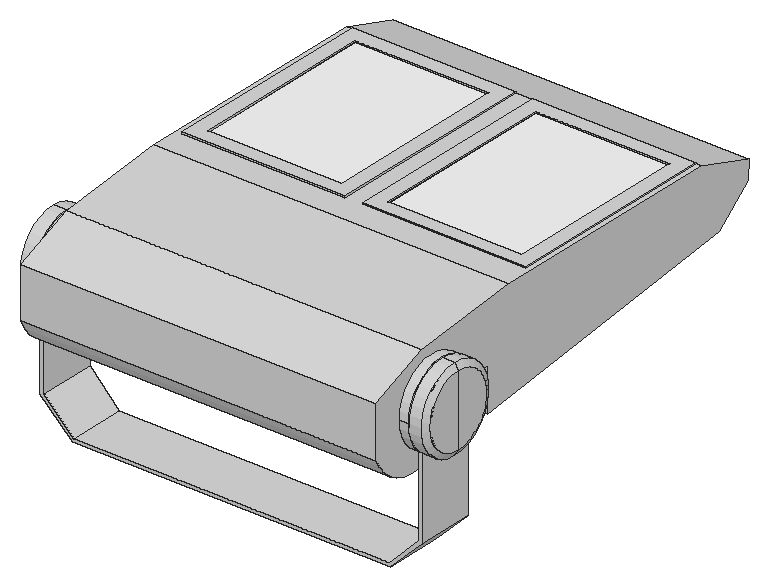
Revit family "0049115 Feilo Sylvania Lighting Fixture SYLVEO LED 12000LM NAR 3K", category Lighting Fixtures, host Face, Revit 2017
Family settings
  Host = Face
  Round Connector Dimension = Use Diameter
  Part Type = Normal
  Cut with Voids When Loaded = No
  Light Source = No
  Shared = No
  Room Calculation Point = No
Parameters (values of type "0049115 SYLVEO LED 12000LM NAR 3K")
  Weight = "8.464 kg"
  Wattage Comments = "n/a"
  WarrantyStartDate [instance] = "n/a"
  WarrantyGuarantorParts = "n/a"
  WarrantyDurationUnit = "n/a"
  WarrantyDurationParts = "n/a"
  WarrantyDescription = "n/a"
  Voltage = 230 V
  URL = "http://www.sylvania-lighting.com"
  TypeName = "SYLVEO LED 12000LM NAR 3K"
  TypeBody_FEILO = Sylveo Large Body : 0049115 SYLVEO LED 12000LM NAR 3K
  Type Image = <None>
  Type Comments = "n/a"
  TotalWidth = 344 mm
  TiltAngle [instance] = 0.00°
  StartAngle [instance] = -TiltAngle  # 0.00°
  SerialNumber [instance] = "n/a"
  PowerFactor = 0
  PowerConsumption = "121.3 W"
  NominalWidth = 0 mm
  NominalLength = 344 mm
  NominalHeight = 392 mm
  Name = "SYLVEO LED 12000LM NAR 3K"
  ModelReference = "SYLVEO LED 12000LM NAR 3K"
  ModelNumber = "0049115"
  Model = "SYLVEO LED 12000LM NAR 3K"
  Material_4_FEILO = none
  Material_3_FEILO = none
  Material_2_FEILO = none
  Material_1_FEILO = Body-Sylvania-Sylveo-Aluminium
  Material = "aluminium housing, glass diffuser"
  ManufacturerName = "Feilo Sylvania"
  Manufacturer = "Feilo Sylvania"
  LuminousEfficacy = "100.2 lm/W"
  LuminaireType = ""
  LightOutputRatio = "100"
  LampsType = Lamp  # "LED"
  LampNominalLuminous = "12149 lm"
  LampMacAdamStep = "6"
  LampColourTemperature = "3000 K"
  LampColourRenderingIndex = "70"
  Lamp = "LED"
  Keynote = "16500"
  InstallationDate [instance] = "n/a"
  InputVoltage = "100-240V~"
  InputNominalFrequency = "50 Hz"
  IngressProtection = "IP66"
  ImpactProtectionIndex = "IK08"
  IfcExportType = "IfcLightFixtureType"
  IfcExportAs = "IfcLightFixtureType"
  HingeHeight = 121 mm
  ExpectedLife = 50000
  EndAngle [instance] = StartAngle + 180.00°  # 180.00°
  ElectricShockClassification = "Class I"
  DurationUnit = "hours"
  DocumentationLiterature = "http://www.sylvania-lighting.com/product/en-int/products/0049115"
  DimmingControlOptions = "Non dimmable"
  Description = "Exterior LED Floodlight, comes complete with a 1000mm cable and adjustable bracket, aluminium housing, clear glass diffuser, IP66, IK08, Class I, 3000K, Non-dimming, 12149lm, 121W, 100lm/W, 3600mA, CRI70, 30° beam angle, 50000hrs, (LxWxD) 98x344x392mm"
  Default Elevation = 1219.2 mm
  CreatedOn = "12/18/2017"
  CreatedBy = ""
  Cost = 0
  built-in parameter 1114216 [instance] = (empty or 0)
  ClassificationValue = "EF_70_80"
  ClassificationName = "Uniclass2015"
  Calculate Coefficient of Utilization = no
  BracketWidth = 48 mm
  BracketThickness = 3 mm
  BracketOuterWidth = BracketInnerWidth + 2 * BracketThickness  # 322 mm
  BracketInnerWidth = 316 mm
  BracketFold = 25 mm
  BracketExtrusionStart = -BracketWidth / 2  # -24 mm
  BracketExtrusionEnd = BracketWidth / 2  # 24 mm
  BarCode [instance] = "n/a"
  AssetType = "Fixed"
  AssetIdentifier [instance] = "n/a"
  Assembly Code = "D5020200"
  Apparent Load = 121.3 VA
Reference planes
  plane 1 "Center (Front/Back)": y = 0
  plane 2: z = 0
  plane 3 "Center (Left/Right)": x = 0
  plane 4: x = 158
  plane 5: x = -158
  plane 6: z = 121
  plane 7: x = 172
  plane 8: x = -172
  plane 9: z = 156
  plane 10: z = 86
  plane 11: x = 169
  plane 12: x = -169
  plane 13: x = 161
  plane 14: x = -161
  plane 15: z = 3
  plane 16: z = 28
  plane 17: x = 133
  plane 18: x = -133
  plane 19: z = 91
Forms (mm)
  Extrusion 1, solid, material "Body-Sylvania-Sylveo-Aluminium" <- "Material_1_FEILO"
    sketch origin (0, 0, 0) x (1, 0, 0) y (0, 0, 1)
      loop
        line (0, 3) -> (0, 0) -> (133.828, 0) -> (161, 27.172) -> (161, 121) -> (158, 121) -> (158, 28) -> (133, 3) -> (0, 3)
    from -24 <- "BracketExtrusionStart" to 24 <- "BracketExtrusionEnd"
  Extrusion 2, solid, material "Body-Sylvania-Sylveo-Aluminium" <- "Material_1_FEILO"
    sketch origin (0, 0, 0) x (-1, 0, 0) y (0, 0, -1)
      loop
        line (0, -3) -> (133, -3) -> (158, -28) -> (158, -121) -> (161, -121) -> (161, -27.172) -> (133.828, 0) -> (0, 0) -> (0, -3)
    from -24 <- "BracketExtrusionStart" to 24 <- "BracketExtrusionEnd"
  Revolve 3, solid, material "Body-Sylvania-Sylveo-Aluminium" <- "Material_1_FEILO"
    sketch origin (0, 0, 0) x (1, 0, 0) y (0, 0, 1)
      loop
        line (-158, 121) -> (-172, 121) -> (-172, 91) -> (-169, 86) -> (-158, 86) -> (-158, 121)
      axis (-158, 121) -> (-172, 121)
    angle from 0 to 360
  Revolve 4, solid, material "Body-Sylvania-Sylveo-Aluminium" <- "Material_1_FEILO"
    sketch origin (0, 0, 0) x (-1, 0, 0) y (0, 0, 1)
      loop
        line (-158, 121) -> (-172, 121) -> (-172, 91) -> (-169, 86) -> (-158, 86) -> (-158, 121)
      axis (-158, 121) -> (-172, 121)
    angle from 0 to 360
  Revolve 5, solid, not visible
    sketch origin (181.107, 0, 121) x (1, 0, 0) y (0, 1, 0)
      loop
        line (-191.101, 0) -> (-171.112, 0) -> (-171.112, 10) -> (-191.101, 10) -> (-191.101, 0)
      axis (-171.112, 0) -> (-191.101, 0)
    angle from 0 <- "StartAngle" to 180 <- "EndAngle"
Cuts and joins
  joined: Extrusion 1, Extrusion 2, Revolve 3, Revolve 4
Dimensions and locks
  equal spacing: plane 5, plane 3 "Center (Left/Right)", plane 4
  equal spacing: plane 7, plane 3 "Center (Left/Right)", plane 8
  "TotalWidth": plane 7 to plane 8
  "HingeHeight": plane 2 to plane 6
  equal spacing: plane 10, plane 6, plane 9
  locked: plane 10 to plane 9 at 70
  equal spacing: plane 11, plane 3 "Center (Left/Right)", plane 12
  locked: plane 11 to plane 12 at 338
  equal spacing: plane 13, plane 3 "Center (Left/Right)", plane 14
  "BracketThickness": plane 2 to plane 15
  equal spacing: plane 17, plane 3 "Center (Left/Right)", plane 18
  locked: plane 19 to plane 10 at 5
  locked: Revolve 5 sketch curve to Revolve 5 sketch curve at 10
  equal spacing: Revolve 5 sketch curve, plane 3 "Center (Left/Right)", Revolve 5 sketch curve
  locked: Revolve 5 sketch curve to Revolve 5 sketch curve at 19.988
  "BracketInnerWidth": plane 5 to plane 4
  "BracketOuterWidth": plane 13 to plane 14
  "BracketFold": plane 4 to plane 17
  "BracketFold": plane 15 to plane 16
  aligned and locked: plane 2 to host face
  aligned and locked: level to host face
  aligned and locked: Revolve 3 sketch curve to plane 10
  aligned and locked: Revolve 3 sketch curve to plane 8
  aligned and locked: plane 5 to Revolve 3 sketch curve
  aligned and locked: Revolve 3 sketch curve to plane 6  (x2)
  aligned and locked: Revolve 5 sketch curve to plane 1 "Center (Front/Back)"
  aligned and locked: plane 3 "Center (Left/Right)" to nested 1
Automatic sketch dimensions
  host sketch curve to host sketch curve = 2438.4 mm  (x2)
  Extrusion 1 sketch curve to plane 3 "Center (Left/Right)" = 0 mm  (x2)
  Extrusion 1 sketch curve to level = 0 mm  (x2)
  Extrusion 1 sketch curve to plane 15 = 0 mm
  Extrusion 1 sketch curve to plane 17 = 0 mm
  plane 4 to Extrusion 1 sketch curve = 0 mm
  Extrusion 1 sketch curve to plane 13 = 0 mm  (x2)
  Extrusion 1 sketch curve to plane 6 = 0 mm  (x2)
  Extrusion 1 sketch curve to plane 16 = 0 mm
  plane 17 to Extrusion 1 sketch curve = 0.828 mm
  Extrusion 1 sketch curve to plane 16 = 0.828 mm
  Extrusion 2 sketch curve to plane 3 "Center (Left/Right)" = 0 mm  (x2)
  Extrusion 2 sketch curve to level = 0 mm  (x2)
  Extrusion 2 sketch curve to plane 15 = 0 mm
  plane 18 to Extrusion 2 sketch curve = 0 mm
  plane 5 to Extrusion 2 sketch curve = 0 mm
  plane 14 to Extrusion 2 sketch curve = 0 mm  (x2)
  Extrusion 2 sketch curve to plane 6 = 0 mm  (x2)
  Extrusion 2 sketch curve to plane 16 = 0 mm
  Extrusion 2 sketch curve to plane 18 = 0.828 mm
  plane 16 to Extrusion 2 sketch curve = 0.828 mm
  plane 12 to Revolve 3 sketch curve = 0 mm
  Revolve 3 sketch curve to plane 19 = 0 mm
  plane 8 to Revolve 3 sketch curve = 77.715 mm
  plane 7 to Revolve 3 sketch curve = 78.607 mm
  Revolve 4 sketch curve to plane 6 = 0 mm  (x2)
  Revolve 4 sketch curve to plane 7 = 0 mm
  Revolve 4 sketch curve to plane 10 = 0 mm
  Revolve 4 sketch curve to plane 11 = 0 mm
  plane 4 to Revolve 4 sketch curve = 0 mm
  Revolve 4 sketch curve to plane 19 = 0 mm
  Revolve 4 sketch curve to Revolve 4 sketch curve = 77.715 mm
  Revolve 4 sketch curve to plane 8 = 78.607 mm
  plane 1 "Center (Front/Back)" to Revolve 5 sketch curve = 0 mm
  plane 8 to Revolve 5 sketch curve = 1421.5 mm
  plane 7 to Revolve 5 sketch curve = 1421.5 mm
Nested families
  nested 1: "Sylveo Large Body" at (0, 0, 121), type <- "TypeBody_FEILO", type "0049115 SYLVEO LED 12000LM NAR 3K"
Definition of nested family "Sylveo Large Body"
  Parameters (values of type "0049144 SYLVEO LED 12000LM RASYM 4K DALI ")
    Wattage = 120 W
    built-in parameter 1150110 = 1 (stored number, unit not read)
    VoidExtrusionStart = -BodyWidth / 2  # -158 mm
    URL = "http://www.feilosylvania.com"
    Type Comments = "n/a"
    built-in parameter 1114217 = 1 (stored number, unit not read)
    TiltAngle = 0.00°
    Tilt Angle = -90.00°
    built-in parameter 1150109 = 1 (stored number, unit not read)
    built-in parameter 1150134 = 12
    built-in parameter 1150113 = 1 (stored number, unit not read)
    Photometric Web File = "0049144.ies"
    Material_3_FEILO = none
    Model = "SYLVEO LED 12000LM RASYM 4K DALI"
    Manufacturer = "Feilo Sylvania"
    built-in parameter 1150105 = 6486.1 (stored number, unit not read)
    Lumens = 12552 lm
    built-in parameter 1150115 = 1 (stored number, unit not read)
    built-in parameter 1150137 = (empty or 0)
    built-in parameter 1150139 = (empty or 0)
    built-in parameter 1150112 = 1 (stored number, unit not read)
    built-in parameter 1150114 = 1 (stored number, unit not read)
    Lamp = "LED"
    Keynote = "16500"
    built-in parameter 1150132 = (empty or 0)
    built-in parameter 1150102 = (empty or 0)
    built-in parameter 1150107 = 4000 (stored number, unit not read)
    built-in parameter 1150138 = (empty or 0)
    built-in parameter 1150106 = 64.861 (stored number, unit not read)
    HingeRadius = 35 mm
    HingeFromTop = 51.5 mm
    Material_2_FEILO = none
    Emit from Rectangle Width = 155.3 mm
    Emit from Rectangle Length = 265 mm
    Emit Shape Visible in Rendering = no
    built-in parameter 1150104 = 9.7177 (stored number, unit not read)
    Dimming Lamp Color Temperature Shift = (empty or 0)
    Description = "Exterior LED floodlight, comes complete with a 1000mm cable and adjustable bracket, aluminium housing, clear glass diffuser, 12547lm, 120W, 104lm/W, 4000K, 3570mA, CRI70, 52°x117° beam angle, DALI dimmable, IP66, IK08, Class I, 50000hrs, (LxWxD) 98x344x392mm"
    Default Elevation = 1219.2 mm
    Cost = 0
    Color Filter = 16777215
    BodyWidthTop = 299 mm
    Material_1_FEILO = none
    BodyWidth = 316 mm
    BodyHeight = 392 mm
    BodyExtrusionStart = -(BodyDepth - HingeFromTop)  # -46.5 mm
    BodyExtrusionEnd = HingeFromTop  # 51.5 mm
    BodyDepth = 98 mm
    built-in parameter 1114218 = 1 (stored number, unit not read)
    built-in parameter 1150133 = 10 (stored number, unit not read)
    Assembly Code = "D5020200"
    Material_4_FEILO = none
    Apparent Load = 120 VA
  Types (9, lengths in mm): name | Wattage | built-in parameter 1150134 | Photometric Web File | Model | built-in parameter 1150105 | Lumens | built-in parameter 1150107 | built-in parameter 1150106 | built-in parameter 1150104 | Description | Apparent Load
    0049144 SYLVEO LED 12000LM RASYM 4K DALI | 120 W | 12 | "0049144.ies" | "SYLVEO LED 12000LM RASYM 4K DALI" | 6486.1 (stored number, unit not read) | 12552 lm | 4000 (stored number, unit not read) | 64.861 (stored number, unit not read) | 9.7177 (stored number, unit not read) | "Exterior LED floodlight, comes complete with a 1000mm cable and adjustable bracket, aluminium housing, clear glass diffuser, 12547lm, 120W, 104lm/W, 4000K, 3570mA, CRI70, 52°x117° beam angle, DALI dimmable, IP66, IK08, Class I, 50000hrs, (LxWxD) 98x344x392mm" | 120 VA
    0049143 SYLVEO LED 12000LM WIDE 4K DALI | 121 W | 12 | "0049143.ies" | "SYLVEO LED 12000LM WIDE 4K DALI" | 16096.1 (stored number, unit not read) | 13225.3 lm | 4000 (stored number, unit not read) | 160.96 (stored number, unit not read) | 10.154 (stored number, unit not read) | "Exterior LED floodlight, comes complete with a 1000mm cable and adjustable bracket, aluminium housing, clear glass diffuser, 13222lm, 120W, 109lm/W, 4000K, 3570mA, CRI70, 52° beam angle, DALI dimmable, IP66, IK08, Class I, 50000hrs, (LxWxD) 98x344x392mm" | 121 VA
    0049142 SYLVEO LED 12000LM NAR 4K DALI | 121 W | 12 | "0049142.ies" | "SYLVEO LED 12000LM NAR 4K DALI" | 29878.8 (stored number, unit not read) | 12838.1 lm | 4000 (stored number, unit not read) | 298.79 (stored number, unit not read) | 9.857 (stored number, unit not read) | "Exterior LED floodlight, comes complete with a 1000mm cable and adjustable bracket, aluminium housing, clear glass diffuser, 12833lm, 121W, 106lm/W, 4000K, 3570mA, 30° beam angle, CRI70, DALI dimmable, IP66, IK08, Class I, 50000hrs, (LxWxD) 98x344x392mm" | 121 VA
    0049117 SYLVEO LED 12000LM RASYM 3K | 120.6 W | (empty or 0) | "0049117.ies" | "SYLVEO LED 12000LM RASYM 3K" | 6411.7 (stored number, unit not read) | 12409.7 lm | 3000 (stored number, unit not read) | 64.117 (stored number, unit not read) | 9.5597 (stored number, unit not read) | "Exterior LED Floodlight, comes complete with a 1000mm cable and adjustable bracket, aluminium housing, clear glass diffuser, IP66, IK08, Class I, 3000K, Non-dimming, 12412lm, 121W, 103lm/W, 3600mA, CRI70, 52°x117° beam angle, 50000hrs, (LxWxD) 98x344x392mm" | 120.6 VA
    0049116 SYLVEO LED 12000LM WIDE 3K | 120.2 W | (empty or 0) | "0049116.ies" | "SYLVEO LED 12000LM WIDE 3K" | 15595 (stored number, unit not read) | 12392.6 lm | 3000 (stored number, unit not read) | 155.95 (stored number, unit not read) | 9.5783 (stored number, unit not read) | "Exterior LED Floodlight, comes complete with a 1000mm cable and adjustable bracket, aluminium housing, clear glass diffuser, IP66, IK08, Class I, 3000K, Non-dimming, 12393lm, 120W, 103lm/W, 3600mA, CRI70, 52° beam angle, 50000hrs, (LxWxD) 98x344x392mm" | 120.2 VA
    0049115 SYLVEO LED 12000LM NAR 3K | 121.3 W | (empty or 0) | "0049115.ies" | "SYLVEO LED 12000LM NAR 3K" | 29900.5 (stored number, unit not read) | 12154.3 lm | 3000 (stored number, unit not read) | 299 (stored number, unit not read) | 9.3089 (stored number, unit not read) | "Exterior LED Floodlight, comes complete with a 1000mm cable and adjustable bracket, aluminium housing, clear glass diffuser, IP66, IK08, Class I, 3000K, Non-dimming, 12149lm, 121W, 100lm/W, 3600mA, CRI70, 30° beam angle, 50000hrs, (LxWxD) 98x344x392mm" | 121.3 VA
    0049114 SYLVEO LED 12000LM RASYM 4K | 121.5 W | 12 | "0049114.ies" | "SYLVEO LED 12000LM RASYM 4K" | 6754.6 (stored number, unit not read) | 13073.4 lm | 4000 (stored number, unit not read) | 67.546 (stored number, unit not read) | 9.9964 (stored number, unit not read) | "Exterior LED Floodlight, comes complete with a 1000mm cable and adjustable bracket, aluminium housing, clear glass diffuser, IP66, IK08, Class I, 4000K, Non-dimming, 13073lm, 122W, 108lm/W, 3600mA, CRI70, 52°x117° beam angle, 50000hrs, (LxWxD) 98x344x392mm" | 121.5 VA
    0049113 SYLVEO LED 12000LM WIDE 4K | 121.5 W | 12 | "0049113.ies" | "SYLVEO LED 12000LM WIDE 4K" | 15077 (stored number, unit not read) | 13158.5 lm | 4000 (stored number, unit not read) | 150.77 (stored number, unit not read) | 10.061 (stored number, unit not read) | "Exterior LED Floodlight, comes complete with a 1000mm cable and adjustable bracket, aluminium housing, clear glass diffuser, IP66, IK08, Class I, 4000K, Non-dimming, 13159lm, 122W, 108lm/W, 3600mA, CRI70, 52° beam angle, 50000hrs, (LxWxD) 98x344x392mm" | 121.5 VA
    0049112 SYLVEO LED 12000LM NAR 4K | 120.7 W | 12 | "0049112.ies" | "SYLVEO LED 12000LM NAR 4K" | 28932.3 (stored number, unit not read) | 12637.3 lm | 4000 (stored number, unit not read) | 289.32 (stored number, unit not read) | 9.7269 (stored number, unit not read) | "Exterior LED Floodlight, comes complete with a 1000mm cable and adjustable bracket, aluminium housing, clear glass diffuser, IP66, IK08, Class I, 4000K, Non-dimming, 12637lm, 121W, 105lm/W, 4000K, 3600mA, CRI70, 30° beam angle, 50000hrs, (LxWxD) 98x344x392mm" | 120.7 VA
  Reference planes
    plane 1 "Center (Front/Back)": y = 0
    plane 2: z = 0
    plane 3 "Center (Left/Right)": x = 0
    plane 4: y = 333.243
    plane 5: y = 313.009
    plane 6: y = 284.289
    plane 7: y = 271.887
    plane 8: y = 116.539
    plane 9: y = 104.79
    plane 10: y = 81.292
    plane 11: y = 43.434
    plane 12: y = 35
    plane 13: y = -35
    plane 14: y = -58.757
    plane 15: x = -132.503
    plane 16: x = -19.582
    plane 17: x = 19.582
    plane 18: x = 132.503
    plane 19: x = -3.59
    plane 20: x = 3.59
    plane 21: x = -149.5
    plane 22: x = 149.5
    plane 23: x = -158
    plane 24: x = 158
    plane 25: y = -10.721
    plane 26: z = 22.496
    plane 27: z = -20
    plane 28: y = -20.127
    plane 29: y = 49.579
    plane 30: y = 58.954
    plane 31: z = -40.407
    plane 32: z = -36.657
    plane 33: y = 302.105
    plane 34: z = -6.225
    plane 35: z = 35.293
    plane 36: z = 19.043
    plane 37: z = 42.496
    plane 38: x = -144.5
    plane 39: x = 144.5
    plane 40: x = -7.34
    plane 41: x = 7.34
    plane 42: y = 194.213
  Forms (mm)
    Extrusion 1, solid
      sketch origin (-0.8, 0, 0) x (1, 0, 0) y (0, 1, 0)
        loop
          line (-1219.2, 1219.2) -> (-1219.2, -1219.2) -> (1219.2, -1219.2) -> (1219.2, 1219.2) -> (-1219.2, 1219.2)
      from 0 to -304.8
    Revolve 2, solid, material <- "Material_1_FEILO"
      sketch origin (0, 0, 0) x (1, 0, 0) y (0, 1, 0)
        loop
          line (-158, 35) -> (-158, 0) -> (-149.5, 0) -> (-149.5, 35) -> (-158, 35)
        loop
          line (158, 0) -> (158, 35) -> (149.5, 35) -> (149.5, 0) -> (158, 0)
        axis (158, 0) -> (-158, 0)
      angle from 0 to 360
    Extrusion 3, solid, material <- "Material_1_FEILO"
      sketch origin (0, 0, 0) x (1, 0, 0) y (0, 1, 0)
        loop
          line (-149.5, 333.243) -> (-149.5, -58.757) -> (149.5, -58.757) -> (149.5, 333.243) -> (-149.5, 333.243)
      from -46.5 <- "BodyExtrusionStart" to 51.5 <- "BodyExtrusionEnd"
    Extrusion 4, void
      sketch origin (0, 0, 0) x (0, 1, 0) y (0, 0, 1)
        loop
          line (81.292, 51.5) -> (-58.757, 51.5) -> (-58.757, 22.496) -> (-10.721, 42.496) -> (81.292, 51.5)
        loop
          line (-58.757, -20) -> (-58.757, -46.5) -> (-20.127, -46.5)
          arc (-20.127, -46.5) -> (-43.549, -39.238) -> (-58.757, -20) r 41.406
      from -158 <- "VoidExtrusionStart" to 316 <- "BodyWidth"
    Extrusion 5, void, detail levels medium+fine
      sketch origin (0, 0, 0) x (0, 1, 0) y (0, 0, 1)
        loop
          line (-20.127, -46.5) -> (333.243, -46.5) -> (333.243, 19.043) -> (302.105, -6.225) -> (58.954, -36.657) -> (58.954, 0) -> (49.579, 0) -> (49.579, -40.407) -> (-20.127, -46.5)
        loop
          line (333.243, 51.5) -> (284.289, 51.5)
          arc (284.289, 51.5) -> (309.162, 44.591) -> (333.243, 35.293) r 264.729
          line (333.243, 35.293) -> (333.243, 51.5)
      from -158 <- "VoidExtrusionStart" to 316 <- "BodyWidth"
    Extrusion 6, solid, material <- "Material_1_FEILO", detail levels medium+fine
      sketch origin (0, 0, 51.5) x (1, 0, 0) y (0, 1, 0)
        loop
          line (-144.5, 284.289) -> (-144.5, 104.79) -> (-7.34, 104.79) -> (-7.34, 284.289) -> (-144.5, 284.289)
        loop
          line (7.34, 284.289) -> (7.34, 104.79) -> (144.5, 104.79) -> (144.5, 284.289) -> (7.34, 284.289)
        loop
          line (19.582, 271.887) -> (19.582, 116.539) -> (132.503, 116.539) -> (132.503, 271.887) -> (19.582, 271.887)
        loop
          line (-19.582, 116.539) -> (-19.582, 271.887) -> (-132.503, 271.887) -> (-132.503, 116.539) -> (-19.582, 116.539)
      from 0 to 1
    Extrusion 7, void
      sketch origin (0, 0, 51.5) x (0, 1, 0) y (1, 0, 0)
        loop
          line (271.887, -132.503) -> (271.887, -19.582) -> (116.539, -19.582) -> (116.539, -132.503) -> (271.887, -132.503)
        loop
          line (116.539, 19.582) -> (271.887, 19.582) -> (271.887, 132.503) -> (116.539, 132.503) -> (116.539, 19.582)
      from 0 to 10
    Extrusion 8, solid, material <- "Material_2_FEILO"
      sketch origin (0, 0, 51.5) x (1, 0, 0) y (0, 1, 0)
        loop
          line (-132.503, 271.887) -> (-132.503, 116.539) -> (-19.582, 116.539) -> (-19.582, 271.887) -> (-132.503, 271.887)
        loop
          line (19.582, 116.539) -> (132.503, 116.539) -> (132.503, 271.887) -> (19.582, 271.887) -> (19.582, 116.539)
      from 0 to -1
  Cuts and joins
    Extrusion 4, Extrusion 5, Extrusion 7 cuts Revolve 2
    Extrusion 4, Extrusion 5, Extrusion 7 cuts Extrusion 3
    joined: Revolve 2, Extrusion 3
  Dimensions and locks
    equal spacing: plane 19, plane 3 "Center (Left/Right)", plane 20
    equal spacing: plane 16, plane 3 "Center (Left/Right)", plane 17
    equal spacing: plane 15, plane 3 "Center (Left/Right)", plane 18
    locked: plane 16 to plane 17 at 39.163
    locked: plane 19 to plane 20 at 7.18
    locked: plane 15 to plane 18 at 265.006
    locked: plane 7 to plane 8 at 155.348
    locked: plane 6 to plane 9 at 179.499
    locked: plane 5 to plane 10 at 231.717
    "BodyHeight": plane 4 to plane 14
    equal spacing: plane 12, plane 1 "Center (Front/Back)", plane 13
    "HingeRadius": plane 12 to plane 1 "Center (Front/Back)"
    equal spacing: plane 21, plane 3 "Center (Left/Right)", plane 22  (x2)
    equal spacing: plane 23, plane 3 "Center (Left/Right)", plane 24
    "BodyWidth": plane 23 to plane 24
    "BodyWidthTop": plane 21 to plane 22
    locked: plane 1 "Center (Front/Back)" to plane 14 at 58.757
    locked: plane 1 "Center (Front/Back)" to plane 11 at 43.434
    locked: plane 1 "Center (Front/Back)" to plane 10 at 81.292
    locked: plane 9 to plane 1 "Center (Front/Back)" at 104.79
    locked: plane 8 to plane 1 "Center (Front/Back)" at 116.539
    equal spacing: plane 38, plane 3 "Center (Left/Right)", plane 39
    equal spacing: plane 40, plane 3 "Center (Left/Right)", plane 41
    equal spacing: plane 7, plane 42, plane 8, locked at 77.674 each
    aligned and locked: plane 2 to Extrusion 1
    aligned and locked: level to Extrusion 1
    aligned and locked: Revolve 2 sketch curve to plane 1 "Center (Front/Back)"  (x3)
    aligned and locked: Revolve 2 sketch curve to plane 12  (x2)
    aligned and locked: Revolve 2 sketch curve to plane 23
    aligned and locked: Revolve 2 sketch curve to plane 21
    aligned and locked: plane 24 to Revolve 2 sketch curve
    aligned and locked: plane 22 to Revolve 2 sketch curve
    aligned and locked: Extrusion 3 sketch curve to plane 4
    aligned and locked: plane 21 to Extrusion 3 sketch curve
    aligned and locked: plane 14 to Extrusion 3 sketch curve
    aligned and locked: Extrusion 3 sketch curve to plane 22
    aligned and locked: plane 10 to Extrusion 4 sketch curve
    aligned and locked: plane 25 to Extrusion 4 sketch curve
    aligned and locked: plane 14 to Extrusion 4 sketch curve
    aligned and locked: Extrusion 4 sketch curve to cut or joined group of Revolve 2, Extrusion 3, Extrusion 4, Extrusion 5, Extrusion 7  (x2)
    aligned and locked: Extrusion 5 sketch curve to plane 29
    aligned and locked: Extrusion 5 sketch curve to level
    aligned and locked: plane 32 to Extrusion 5 sketch curve
    aligned and locked: Extrusion 5 sketch curve to plane 30
    aligned and locked: plane 34 to Extrusion 5 sketch curve
    aligned and locked: plane 36 to Extrusion 5 sketch curve
    aligned and locked: Extrusion 5 sketch curve to plane 4
    aligned and locked: plane 6 to Extrusion 5 sketch curve
    aligned and locked: plane 9 to Extrusion 6 sketch curve  (x2)
    aligned and locked: Extrusion 6 sketch curve to plane 6
    aligned and locked: Extrusion 6 sketch curve to plane 7  (x2)
    aligned and locked: plane 17 to Extrusion 6 sketch curve
    aligned and locked: plane 8 to Extrusion 6 sketch curve  (x2)
    aligned and locked: Extrusion 6 sketch curve to plane 18
    aligned and locked: Extrusion 6 sketch curve to plane 16
    aligned and locked: plane 15 to Extrusion 6 sketch curve
    aligned and locked: plane 38 to Extrusion 6 sketch curve
    aligned and locked: Extrusion 6 sketch curve to plane 39
    aligned and locked: Extrusion 6 sketch curve to plane 40
    aligned and locked: plane 41 to Extrusion 6 sketch curve
    aligned and locked: Extrusion 7 sketch curve to Extrusion 6  (x8)
    aligned and locked: Extrusion 8 sketch curve to cut or joined group of Revolve 2, Extrusion 3, Extrusion 4, Extrusion 5, Extrusion 7  (x8)
    aligned and locked: imposter light to plane 42
    aligned and locked: imposter light to plane 3 "Center (Left/Right)"
    aligned and locked: imposter light to Extrusion 6
  Automatic sketch dimensions
    Extrusion 1 sketch curve to Extrusion 1 sketch curve = 2438.4 mm  (x2)
    plane 23 to Revolve 2 sketch curve = 1366 mm
    Revolve 2 sketch curve to plane 24 = 1366 mm
    Extrusion 4 sketch curve to plane 14 = 0 mm
    Extrusion 4 sketch curve to plane 28 = 0 mm
    Extrusion 4 sketch curve to plane 27 = 0 mm
    Extrusion 4 sketch curve to plane 26 = 0 mm
    Extrusion 4 sketch curve to plane 37 = 0 mm
    Extrusion 5 sketch curve to plane 33 = 0 mm
    Extrusion 5 sketch curve to plane 31 = 0 mm
    plane 35 to Extrusion 5 sketch curve = 0 mm
    Extrusion 5 sketch curve to plane 7 = 45.926 mm
    Extrusion 5 sketch curve to plane 28 = 0 mm
    Extrusion 5 sketch curve to plane 4 = 0 mm
    Extrusion 5 sketch curve to plane 31 = 6.093 mm
    Extrusion 5 sketch curve to plane 31 = 166.316 mm
    Extrusion 6 sketch curve to Extrusion 6 sketch curve = 0 mm
